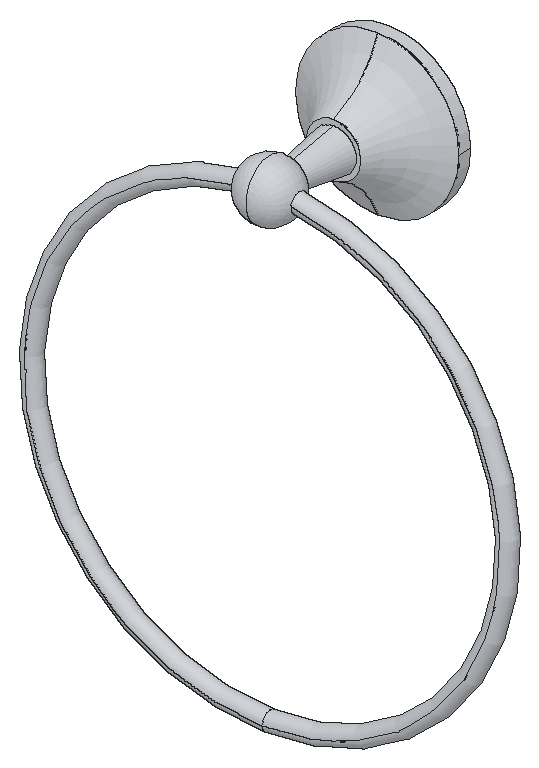
Revit family "Towel_Holder_Round", category Generic Models, host Face, Revit 2012
Parameters
  Lenght = 175 mm
  Finish = none
  Default Elevation = 1200 mm
Reference planes
  plane 1 "Center (Front/Back)": y = 0
  plane 2: z = 0
  plane 3 "Center (Left/Right)": x = 0
  plane 4: z = 1200
  plane 5: x = 87.5
  plane 6: x = -87.5
  plane 7: z = 1230
  plane 8: y = -45
  plane 9: y = -54.5
Forms (mm)
  Extrusion 1, solid, material <- "Finish"
    sketch origin (0, 0, 0) x (1, 0, 0) y (0, 0, 1)
      loop
        circle (0, 1200) r 30
    from 0 to 5
  SweptBlend 2, solid, material <- "Finish"
    path origin (0, 0, 0) x (0, 1, 0) y (0, 0, 1)
      loop
        line (-5, 1200) -> (-25, 1200)
    profile origin (0, -5, 1200) x (0, 0, -1) y (1, 0, 0)
      loop
        circle (0, 0) r 30
    end profile origin (0, -25, 1200) x (0, 0, -1) y (1, 0, 0)
      loop
        circle (0, 0) r 10
  Revolve 3, void
    sketch origin (0, 0, 0) x (0, 1, 0) y (0, 0, 1)
      loop
        line (-3.789, 1233.738) -> (-28.738, 1208.789)
        arc (-28.738, 1208.789) -> (-12.89, 1217.89) -> (-3.789, 1233.738) r 35
      axis (-3.789, 1200) -> (-28.738, 1200)
    angle from 0 to 360
  SweptBlend 4, solid, material <- "Finish"
    path origin (0, 0, 0) x (0, 1, 0) y (0, 0, 1)
      loop
        line (-25, 1200) -> (-45, 1200)
    profile origin (0, -25, 1200) x (0, 0, -1) y (1, 0, 0)
      loop
        circle (0, 0) r 8
    end profile origin (0, -45, 1200) x (0, 0, -1) y (1, 0, 0)
      loop
        circle (0, 0) r 5
  Revolve 5, solid, material <- "Finish"
    sketch origin (0, 0, 0) x (0, 1, 0) y (0, 0, 1)
      loop
        line (-45, 1200) -> (-45, 1205)
        arc (-45, 1205) -> (-57.062, 1210.746) -> (-65, 1200) r 10.5
        line (-65, 1200) -> (-45, 1200)
      axis (-45, 1200) -> (-65, 1200)
    angle from 0 to 360
  Sweep 6, solid, material <- "Finish"
    path origin (0, -54.5, 691.118) x (0, 0, 1) y (1, 0, 0)
      loop
        circle (421.382, 0) r 87.5
    profile origin (87.5, -54.5, 1112.5) x (0, 1, 0) y (-1, 0, 0)
      loop
        circle (0, 0) r 3.5
Cuts and joins
  Revolve 3 cuts SweptBlend 2
  joined: Extrusion 1, SweptBlend 2
  joined: Revolve 5, Sweep 6
Dimensions and locks
  "Default Elevation": plane 4 to plane 2
  equal spacing: plane 5, plane 3 "Center (Left/Right)", plane 6
  "Lenght": plane 5 to plane 6
  locked: plane 7 to plane 4 at 30
  plane 8 to plane 1 "Center (Front/Back)" = 45 mm
  plane 9 to plane 8 = 9.5 mm
  aligned and locked: plane 2 to host face
  aligned and locked: level to host face
Automatic sketch dimensions
  host sketch curve to host sketch curve = 438.4 mm  (x2)
  Extrusion 1 sketch curve to plane 3 "Center (Left/Right)" = 0 mm
  Extrusion 1 sketch curve to plane 4 = 0 mm
  SweptBlend 2 sketch curve to plane 4 = 0 mm
  plane 1 "Center (Front/Back)" to SweptBlend 2 sketch curve = 25 mm
  plane 1 "Center (Front/Back)" to SweptBlend 2 sketch curve = 5 mm
  SweptBlend 2 sketch curve to plane 3 "Center (Left/Right)" = 0 mm  (x2)
  SweptBlend 2 sketch curve to profile plane = 0 mm  (x2)
  Revolve 3 sketch curve to plane 4 = 0 mm
  plane 7 to Revolve 3 sketch curve = 3.738 mm
  plane 7 to Revolve 3 sketch curve = 12.638 mm
  plane 1 "Center (Front/Back)" to Revolve 3 sketch curve = 37.638 mm
  plane 1 "Center (Front/Back)" to Revolve 3 sketch curve = 25 mm
  plane 4 to Revolve 3 sketch curve = 8.789 mm
  Revolve 3 sketch curve to Revolve 3 sketch curve = 3.738 mm
  plane 1 "Center (Front/Back)" to Revolve 3 sketch curve = 5 mm
  SweptBlend 4 sketch curve to plane 4 = 0 mm
  SweptBlend 4 sketch curve to plane 8 = 0 mm
  SweptBlend 4 sketch curve to SweptBlend 4 sketch curve = 20 mm
  SweptBlend 4 sketch curve to plane 3 "Center (Left/Right)" = 0 mm  (x2)
  SweptBlend 4 sketch curve to profile plane = 0 mm  (x2)
  Revolve 5 sketch curve to plane 4 = 0 mm  (x2)
  Revolve 5 sketch curve to plane 8 = 0 mm  (x2)
  plane 4 to Revolve 5 sketch curve = 0.56 mm
  Revolve 5 sketch curve to Revolve 5 sketch curve = 10.485 mm
  Revolve 5 sketch curve to Revolve 5 sketch curve = 0 mm
  Revolve 5 sketch curve to plane 8 = 9.515 mm
  Sweep 6 sketch curve to plane 3 "Center (Left/Right)" = 0 mm
  Sweep 6 sketch curve to plane 9 = 0 mm
  Sweep 6 sketch curve to profile plane = 0 mm
  Sweep 6 sketch curve to plane 4 = 87.5 mm
  radius of Extrusion 1 sketch curve = 30 mm
  radius of SweptBlend 2 sketch curve = 30 mm
  radius of SweptBlend 2 sketch curve = 10 mm
  radius of SweptBlend 4 sketch curve = 8 mm
  radius of SweptBlend 4 sketch curve = 5 mm
  radius of Sweep 6 sketch curve = 87.5 mm
  radius of Sweep 6 sketch curve = 3.5 mm
